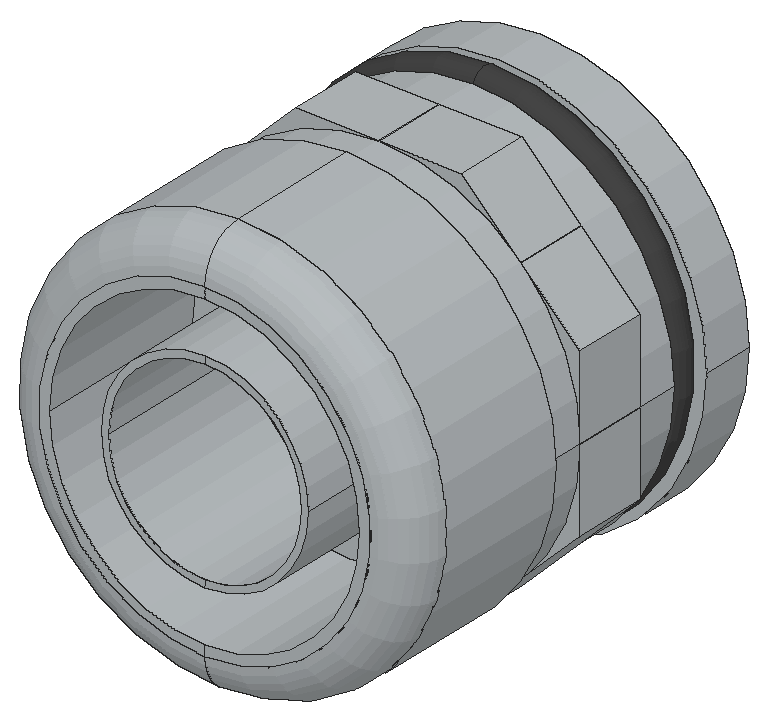
Revit family "ZETA_Резьбовой_Крепежный_Элемент_Металлорукав-КорпусОборудования_РКН-10-100", category Соединительные детали коробов, Revit 2021
Family settings
  Размер круглого соединителя = Использовать диаметр
  Тип детали = Мультипорт
  На основе рабочей плоскости = Нет
  Всегда вертикально = Да
  При загрузке вырезать с полостями = Да
  Общий = Нет
Parameters (values of type "DN15 - G1/2''")
  Тип соединения = "компрессионное"  # constant formula
  Температура эксплуатации в стационарном состоянии = "от -25 до +100 °С"  # constant formula
  Температура транспортировки, монтажа и эксплуатации = "от -25 до +100 °С"  # constant formula
  Размер резьбы = size_lookup(LT, "Размер резьбы", "", DN)  # "G1/2"
  Отметка по умолчанию = 0 mm
  Описание = "Резьбовой крепежный элемент РКН является трубной арматурой, предназначенной для присоединения металлорукавов (типов: МПГ, МРПИ, ШЭМ, РЗЦ, РЗ-ЦХ, РЗ-ЦА и др.) к оболочкам электрооборудования (щиты, шкафы, коробки и др.) в трубных системах для прокладки кабелей по ГОСТ Р МЭК 61386.22-2014, ГОСТ Р МЭК 61386.23-2015 и создания надежного электрического контакта с их металлическими частями в целях обеспечения защитных мер по п.1.7.76 Правил устройства электроустановок."  # constant formula
  Материал уплотнителя = Zeta_Резина маслостойкая
  Материал корпуса = Zeta_Сплав цинка
  Марка = ""
  Код классификации по ГОСТ Р МЭК 61386.1-2014 = "024101542203"  # constant formula
  Климатическое исполнение = "У2"  # constant formula
  Изготовитель = "АО «ЗЭТА»"  # constant formula
  Изготавливается по = "ТУ 27.33.13.130-046-99856433-2020"  # constant formula
  Длина резьбы Lp/общая длина L = size_lookup(LT, "Длина резьбы Lp/общая длина L", "", DN)  # "10.5 / 34.6"
  r2 = r1 - 1.5 mm  # 8.98 mm
  r1 = size_lookup(LT, "r1", 9.2 mm, DN)  # 10.48 mm
  l5 = size_lookup(LT, "l5", 3.8 mm, DN)  # 3.8 mm
  l4 = size_lookup(LT, "l4", 3.7 mm, DN)  # 3.7 mm
  l3 = size_lookup(LT, "l3", 2.3 mm, DN)  # 2.3 mm
  l2 = size_lookup(LT, "l2", 5.3 mm, DN)  # 5.3 mm
  l1 = size_lookup(LT, "l1", 12.6 mm, DN)  # 12.6 mm
  URL = "https://nzeta.ru/"
  S2 = size_lookup(LT, "S2", 29.5 mm, DN)  # 29.5 mm
  S1 = size_lookup(LT, "S1", 28.5 mm, DN)  # 28.5 mm
  LT = "РКН"  # constant formula
  Dмр1 = Dмр - 1 mm  # 13.7 mm
  Dмр = size_lookup(LT, "Dмр", 14.7 mm, DN)  # 14.7 mm
  Dr = S1 - (l4 / 2)  # 26.65 mm
  DN = 15 mm
  Ds = S2 - 2 mm  # 27.5 mm
  D1 = size_lookup(LT, "D1", 22 mm, DN)  # 22 mm
  ADSK_Ток = 0 A  # constant formula
  ADSK_Степень защиты_IP = "IP54"  # constant formula
  ADSK_Размер_Ширина = S2  # 29.5 mm
  ADSK_Размер_УголПоворота [instance] = 0.00°
  ADSK_Размер_Длина = size_lookup(LT, "ADSK_Размер_Длина", 33.5 mm, DN)  # 33.5 mm
  ADSK_Размер_Высота = S2  # 29.5 mm
  ADSK_Пусковой ток = 0 A  # constant formula
  ADSK_Примечание [instance] = ""
  ADSK_Предел огнестойкости экземпляра = ""
  ADSK_Предел огнестойкости = ""
  ADSK_Полная мощность = 0 VA  # constant formula
  ADSK_Позиция на схеме [instance] = ""
  ADSK_Позиция [instance] = ""
  ADSK_Обозначение = "РКН"  # constant formula
  ADSK_Номинальная мощность = 0 W  # constant formula
  ADSK_Номер стояка [instance] = ""
  ADSK_Напряжение = 0 V  # constant formula
  ADSK_Наименование краткое = size_lookup(LT, "ADSK_Наименование краткое", "", DN)  # "Резьбовой крепежный элемент РКН 15"
  ADSK_Наименование = size_lookup(LT, "ADSK_Наименование", "", DN)  # "Резьбовой крепежный элемент с наружной резьбой РКН-15 У2 IP54 ГОФРОМАТИК"
  ADSK_Материал наименование = "Сплав цинка"  # constant formula
  ADSK_Масса_Текст = size_lookup(LT, "ADSK_Масса_Текст", "5", DN)  # "0.043"
  ADSK_Масса = size_lookup(LT, "ADSK_Масса", 5, DN)  # 0.043
  ADSK_Марка = size_lookup(LT, "ADSK_Марка", "", DN)  # "РКН 15"
  ADSK_Кратность пускового тока = 0  # constant formula
  ADSK_Количество = 1  # constant formula
  ADSK_Код изделия = size_lookup(LT, "ADSK_Код изделия", "", DN)  # "zeta40411"
  ADSK_Классификация нагрузок = Прочее
  ADSK_КПД = 0  # constant formula
  ADSK_Завод-изготовитель = "АО «ЗЭТА»"  # constant formula
  ADSK_Единица измерения = "шт"  # constant formula
  ADSK_Версия семейства = "v.1"  # constant formula
  ADSK_Версия Revit = "2021"  # constant formula
  ADSK_URL страницы изделия = "https://nzeta.ru/catalog/?q=zeta40411"
  ADSK_URL документации изделия = "https://nzeta.ru/upload/uf/44c/qp6tsz33whni4632bpbds0ivk6hfipal/passport.pdf"
Types (13, lengths in mm): name | Размер резьбы | Длина резьбы Lp/общая длина L | r2 | r1 | l5 | l4 | l3 | l2 | l1 | S2 | S1 | Dмр1 | Dмр | Dr | DN | Ds | D1 | ADSK_Размер_Ширина | ADSK_Размер_Длина | ADSK_Размер_Высота | ADSK_Наименование краткое | ADSK_Наименование | ADSK_Масса_Текст | ADSK_Масса | ADSK_Марка | ADSK_Код изделия | ADSK_URL страницы изделия
  DN15 - G1/2'' | "G1/2" | "10.5 / 34.6" | 8.98 | 10.48 | 3.8 | 3.7 | 2.3 | 5.3 | 12.6 | 29.5 | 28.5 | 13.7 | 14.7 | 26.65 | 15 | 27.5 | 22 | 29.5 | 33.5 | 29.5 | "Резьбовой крепежный элемент РКН 15" | "Резьбовой крепежный элемент с наружной резьбой РКН-15 У2 IP54 ГОФРОМАТИК" | "0.043" | 0.043 | "РКН 15" | "zeta40411" | "https://nzeta.ru/catalog/?q=zeta40411"
  DN20 - G3/4'' | "G3/4" | "12.5 / 38.3" | 11.72 | 13.22 | 4.1 | 4 | 2.7 | 4.4 | 14.8 | 35.5 | 32.5 | 18.3 | 19.3 | 30.5 | 20 | 33.5 | 28 | 35.5 | 35 | 35.5 | "Резьбовой крепежный элемент РКН 20" | "Резьбовой крепежный элемент с наружной резьбой РКН-20 У2 IP54 ГОФРОМАТИК" | "0.06" | 0.06 | "РКН 20" | "zeta40412" | "https://nzeta.ru/catalog/?q=zeta40412"
  DN25 - G1'' | "G1" | "11.5 / 42.0" | 15.125 | 16.625 | 3.1 | 4.5 | 3 | 6 | 16.6 | 42.5 | 41 | 23.7 | 24.7 | 38.75 | 25 | 40.5 | 33 | 42.5 | 37.3 | 42.5 | "Резьбовой крепежный элемент РКН 25" | "Резьбовой крепежный элемент с наружной резьбой РКН-25 У2 IP54 ГОФРОМАТИК" | "0.083" | 0.083 | "РКН 25" | "zeta40413" | "https://nzeta.ru/catalog/?q=zeta40413"
  DN32 - G1 1/4'' | "G1 1/4" | "14.8 / 49.3" | 19.455 | 20.955 | 4 | 5 | 3.6 | 6 | 18.5 | 51.5 | 49.5 | 29.7 | 30.7 | 47 | 32 | 49.5 | 42 | 51.5 | 44.6 | 51.5 | "Резьбовой крепежный элемент РКН 32" | "Резьбовой крепежный элемент с наружной резьбой РКН-32 У2 IP54 ГОФРОМАТИК" | "0.134" | 0.134 | "РКН 32" | "zeta40414" | "https://nzeta.ru/catalog/?q=zeta40414"
  DN38 - G1 1/2'' | "G1 1/2" | "16 / 50.9" | 22.4 | 23.9 | 5 | 5.5 | 3 | 5.4 | 19.5 | 59 | 56.5 | 36 | 37 | 53.75 | 38 | 57 | 49 | 59 | 46 | 59 | "Резьбовой крепежный элемент РКН 38" | "Резьбовой крепежный элемент с наружной резьбой РКН-38 У2 IP54 ГОФРОМАТИК" | "0.183" | 0.183 | "РКН 38" | "zeta40415" | "https://nzeta.ru/catalog/?q=zeta40415"
  DN50 - G2'' | "G2" | "17 / 55.6" | 28.305 | 29.805 | 4.1 | 6 | 4.5 | 6.8 | 21.4 | 71 | 68.5 | 47 | 48 | 65.5 | 50 | 69 | 61.8 | 71 | 50.6 | 71 | "Резьбовой крепежный элемент РКН 50" | "Резьбовой крепежный элемент с наружной резьбой РКН-50 У2 IP54 ГОФРОМАТИК" | "0.256" | 0.256 | "РКН 50" | "zeta40416" | "https://nzeta.ru/catalog/?q=zeta40416"
  DN10 - G3/8'' | "G3/8" | "9.6 / 16.5" | 6.83 | 8.33 | 5.4 | 3.2 | 2.5 | 2.7 | 10 | 23.5 | 22 | 8.6 | 9.6 | 20.4 | 10 | 21.5 | 16.5 | 23.5 | 27.9 | 23.5 | "Резьбовой крепежный элемент РКН 10" | "Резьбовой крепежный элемент с наружной резьбой РКН-10 У2 IP54 ГОФРОМАТИК" | "0.024" | 0.024 | "РКН 10" | "zeta40410" | "https://nzeta.ru/catalog/?q=zeta40410"
  DN60 - G2 1/2'' | "G2 1/2" | "22 / 71.5" | 36.095 | 37.595 | 9.6 | 5.5 | 3.4 | 6 | 21 | 93 | 87 | 58 | 59 | 84.25 | 60 | 91 | 71 | 93 | 56.3 | 93 | "Резьбовой крепежный элемент РКН 60" | "Резьбовой крепежный элемент с наружной резьбой РКН-60 У2 IP54 ГОФРОМАТИК" | "0.519" | 0.519 | "РКН 60" | "zeta40426" | "https://nzeta.ru/catalog/?q=zeta40426"
  DN75 - G3'' | "G3" | "22 / 72.5" | 42.445 | 43.945 | 11.2 | 5.5 | 3.8 | 7 | 22 | 104 | 101.5 | 72.5 | 73.5 | 98.75 | 75 | 102 | 86.5 | 104 | 61 | 104 | "Резьбовой крепежный элемент РКН 75" | "Резьбовой крепежный элемент с наружной резьбой РКН-75 У2 IP54 ГОФРОМАТИК" | "0.701" | 0.701 | "РКН 75" | "zeta40427" | "https://nzeta.ru/catalog/?q=zeta40427"
  DN100 - G4'' | "G4" | "22 / 82.2" | 55.015 | 56.515 | 11.6 | 6 | 3.4 | 8 | 26 | 137 | 129.5 | 97.5 | 98.5 | 126.5 | 100 | 135 | 112.2 | 137 | 69.5 | 137 | "Резьбовой крепежный элемент РКН 100" | "Резьбовой крепежный элемент с наружной резьбой РКН-100 У2 IP54 ГОФРОМАТИК" | "1.100" | 1.1 | "РКН 100" | "zeta40428" | "https://nzeta.ru/catalog/?q=zeta40428"
  DN12 - G1/2'' | "G1/2" | "11.2 / 30.8" | 8.98 | 10.48 | 3.3 | 3.8 | 2.3 | 3.3 | 11.2 | 25.5 | 24.5 | 10.2 | 11.2 | 22.6 | 12 | 23.5 | 17.5 | 25.5 | 29.2 | 25.5 | "Резьбовой крепежный элемент РКН 12" | "Резьбовой крепежный элемент с наружной резьбой РКН-12 У2 IP54 ГОФРОМАТИК" | "0.030" | 0.03 | "РКН 12" | "zeta40424" | "https://nzeta.ru/catalog/?q=zeta40424"
  DN18 - G1/2'' | "G1/2" | "10.0 / 33.0" | 8.98 | 10.48 | 3.8 | 3.7 | 2.3 | 5.3 | 12.6 | 32 | 30 | 15.9 | 16.9 | 28.15 | 18 | 30 | 22 | 32 | 33.2 | 32 | "Резьбовой крепежный элемент РКН 18" | "Резьбовой крепежный элемент с наружной резьбой РКН-18 У2 IP54 ГОФРОМАТИК" | "0.043" | 0.043 | "РКН 18" | "zeta40408" | "https://nzeta.ru/catalog/?q=zeta40408"
  DN22 - G3/4'' | "G3/4" | "12.0 / 36.0" | 11.72 | 13.22 | 4.1 | 4 | 2.7 | 4.4 | 14.8 | 37 | 35 | 19.7 | 20.7 | 33 | 22 | 35 | 28 | 37 | 34.7 | 37 | "Резьбовой крепежный элемент РКН 22" | "Резьбовой крепежный элемент с наружной резьбой РКН-22 У2 IP54 ГОФРОМАТИК" | "0.06" | 0.06 | "РКН 22" | "zeta40409" | "https://nzeta.ru/catalog/?q=zeta40409"
Reference planes
  plane 1 "По центру (Вперед/Назад)": y = 0
  plane 2: z = 0
  plane 3 "По центру (Влево/Вправо)": x = 0
  plane 4: y = -16.75
  plane 5: y = 16.75
  plane 6: y = -4.15
  plane 7: y = 9.25
  plane 8: y = -1.35
  plane 9: y = 6.95
  plane 10: x = 14.25
  plane 11: x = -14.25
  plane 12: z = 14.25
  plane 13: z = -14.25
  plane 14: z = 14.75
  plane 15: z = -14.75
  plane 16: x = 14.75
  plane 17: x = -14.75
  plane 18: y = 12.95
  plane 19: y = 3.95
  plane 20: y = 8.1
Forms (mm)
  Extrusion 1, solid, material "Zeta_Сплав цинка" <- "Материал корпуса", detail levels fine
    sketch origin (0, 0, 0) x (1, 0, 0) y (0, 0, 1)
      loop
        line (-14.25, -5.903) -> (-5.903, -14.25) -> (5.903, -14.25) -> (14.25, -5.903) -> (14.25, 5.903) -> (5.903, 14.25) -> (-5.903, 14.25) -> (-14.25, 5.903) -> (-14.25, -5.903)
    from -3.95 to 1.35
  Extrusion 2, solid, material "Zeta_Сплав цинка" <- "Материал корпуса", detail levels medium+fine
    sketch origin (0, 0, 0) x (1, 0, 0) y (0, 0, 1)
      loop
        circle (0, 0) r 14.25
    from -6.95 to 4.15
  Extrusion 3, solid, material "Zeta_Сплав цинка" <- "Материал корпуса", detail levels medium+fine
    sketch origin (0, 0, 0) x (1, 0, 0) y (0, 0, 1)
      loop
        circle (0, 0) r 14.75
    from -12.95 to -9.25
  Revolve 4, solid, material "Zeta_Сплав цинка", detail levels medium+fine
    sketch origin (0, 0, 0) x (0, 1, 0) y (0, 0, 1)
      loop
        line (12.95, 0) -> (16.75, 0) -> (16.75, 10.48) -> (12.95, 10.48) -> (12.95, 0)
      axis (12.95, 0) -> (16.75, 0)
    angle from 0 to 360
  Extrusion 5, solid, material "Zeta_Сплав цинка" <- "Материал корпуса", detail levels medium
    sketch origin (0, 3.3, 0) x (1, 0, 0) y (0, 0, -1)
      loop
        circle (0, 0) r 14.25
    from -4.65 to 5.95
  Revolve 6, solid, material "Zeta_Сплав цинка" <- "Материал корпуса", detail levels medium+fine
    sketch origin (0, 0, 0) x (0, 1, 0) y (0, 0, 1)
      loop
        arc (-13.75, 14.75) -> (-15.871, 13.871) -> (-16.75, 11.75) r 3
        line (-16.75, 11.75) -> (-16.75, 0) -> (-4.15, 0) -> (-4.15, 14.75) -> (-13.75, 14.75)
      axis (-16.75, 0) -> (-4.15, 0)
    angle from 0 to 360
  Sweep 7, solid, material "Zeta_Чёрный", detail levels fine
    path origin (4267.2, 8.1, 18.456) x (0, 0, 1) y (1, 0, 0)
      loop
        circle (-18.03, -4267.2) r 13.325
    profile origin (-13.325, 8.1, 0.426) x (0, 1, 0) y (-1, 0, 0)
      loop
        circle (0, 0) r 1.15
  Extrusion 8, void
    sketch origin (0, 0, 0) x (1, 0, 0) y (0, 0, 1)
      loop
        circle (0, 0) r 6.85
    from -3.95 to 16.75
  Extrusion 9, void
    sketch origin (0, 0, 0) x (1, 0, 0) y (0, 0, 1)
      loop
        circle (0, 0) r 7.35
      loop
        circle (0, 0) r 11
    from 1.35 to 16.75
  Extrusion 10, void
    sketch origin (4267.2, 16.75, 162.946) x (0, 0, -1) y (1, 0, 0)
      loop
        circle (162.946, -4267.2) r 8.98
    from 0 to 12.8
Cuts and joins
  Extrusion 8, Extrusion 9, Extrusion 10 cuts Revolve 6
  Extrusion 8, Extrusion 10 cuts Extrusion 1
  Extrusion 8, Extrusion 10 cuts Extrusion 2
  Extrusion 8, Extrusion 9, Extrusion 10 cuts Extrusion 3
  Extrusion 8, Extrusion 10 cuts Revolve 4
  Extrusion 10 cuts Extrusion 5
Lines and regions (mm)
  model lines, detail levels coarse+medium
    curve 1: line (0, 16.75, 0) -> (0, -16.75, 0)
Dimensions and locks
  equal spacing: plane 4, plane 1 "По центру (Вперед/Назад)", plane 5
  "ADSK_Размер_Длина": plane 4 to plane 5
  "l1": plane 4 to plane 6
  equal spacing: plane 12, level, plane 13
  equal spacing: plane 10, plane 3 "По центру (Влево/Вправо)", plane 11
  "S1": plane 10 to plane 11
  "S1": plane 12 to plane 13
  equal spacing: Extrusion 1 sketch curve, Extrusion 1 sketch curve, Extrusion 1 sketch curve  (x5)
  equal spacing: plane 14, level, plane 15
  equal spacing: plane 16, plane 3 "По центру (Влево/Вправо)", plane 17
  "S2": plane 16 to plane 17
  "l3": plane 9 to plane 7
  "l4": plane 7 to plane 18
  "l5": plane 18 to plane 5
  "r1": Revolve 4 sketch curve to Revolve 4 sketch curve
  "S2": plane 14 to plane 15
  "l2": plane 8 to plane 19
  locked: plane 19 to plane 9 at 3
  equal spacing: plane 9, plane 20, plane 7
  "S1": diameter of Extrusion 2 sketch curve
  "S2": diameter of Extrusion 3 sketch curve
  "S1": diameter of Extrusion 5 sketch curve
  "l3": diameter of Sweep 7 sketch curve
  "Dr": diameter of Sweep 7 sketch curve
  "Dмр1": diameter of Extrusion 8 sketch curve
  "Dмр": diameter of Extrusion 9 sketch curve
  "D1": diameter of Extrusion 9 sketch curve
  "r2": radius of Extrusion 10 sketch curve
  locked: Extrusion 1 sketch curve to Extrusion 1 sketch curve (angle 135.00°)  (x7)
  aligned and locked: level to plane 2
  aligned and locked: Extrusion 1 to plane 8
  aligned and locked: Extrusion 1 sketch curve to plane 11
  aligned and locked: plane 10 to Extrusion 1 sketch curve
  aligned and locked: Extrusion 1 sketch curve to plane 13
  aligned and locked: curve 1 to plane 3 "По центру (Влево/Вправо)"
  aligned and locked: plane 5 to curve 1
  aligned and locked: plane 4 to curve 1
  aligned and locked: Extrusion 2 to plane 6
  aligned and locked: Extrusion 3 to plane 7
  aligned and locked: plane 18 to Extrusion 3
  aligned and locked: Extrusion 3 to Revolve 4 sketch curve
  aligned and locked: Revolve 4 sketch curve to Extrusion 3
  aligned and locked: Revolve 4 sketch curve to plane 5
  aligned and locked: Extrusion 5 to plane 8
  aligned and locked: plane 7 to Extrusion 5
  aligned and locked: plane 14 to Revolve 6 sketch curve
  aligned and locked: plane 4 to Revolve 6 sketch curve
  aligned and locked: level to Revolve 6 sketch curve
  aligned and locked: Revolve 6 sketch curve to Revolve 6 sketch curve  (x2)
  aligned and locked: plane 19 to Extrusion 1
  aligned and locked: plane 9 to Extrusion 2
  aligned and locked: Extrusion 8 to plane 4
  aligned and locked: plane 8 to Extrusion 9
  aligned and locked: Extrusion 9 to plane 4
  aligned and locked: plane 19 to Extrusion 8
  aligned and locked: plane 5 to Extrusion 10
  aligned and locked: Extrusion 10 to plane 19
Automatic sketch dimensions
  Revolve 6 sketch curve to plane 6 = 0 mm  (x2)
  plane 4 to Revolve 6 sketch curve = 3 mm
  Extrusion 2 sketch curve to level = 0 mm
  Extrusion 2 sketch curve to plane 3 "По центру (Влево/Вправо)" = 0 mm
  Extrusion 3 sketch curve to level = 0 mm
  Extrusion 3 sketch curve to plane 3 "По центру (Влево/Вправо)" = 0 mm
  Revolve 4 sketch curve to level = 0 mm  (x2)
  Revolve 4 sketch curve to plane 18 = 0 mm
  Revolve 4 sketch curve to plane 5 = 0 mm
  Extrusion 5 sketch curve to level = 0 mm
  Extrusion 5 sketch curve to plane 3 "По центру (Влево/Вправо)" = 0 mm
  Sweep 7 sketch curve to plane 3 "По центру (Влево/Вправо)" = 0 mm
  level to Sweep 7 sketch curve = 0.426 mm
  Sweep 7 sketch curve to profile plane = 0 mm  (x2)
  Extrusion 8 sketch curve to level = 0 mm
  Extrusion 8 sketch curve to plane 3 "По центру (Влево/Вправо)" = 0 mm
  Extrusion 9 sketch curve to Extrusion 9 sketch curve = 0 mm  (x2)
  Extrusion 9 sketch curve to level = 0 mm
  Extrusion 9 sketch curve to plane 3 "По центру (Влево/Вправо)" = 0 mm
  Extrusion 10 sketch curve to level = 0 mm
  Extrusion 10 sketch curve to plane 3 "По центру (Влево/Вправо)" = 0 mm
Connectors
  cabletrayconduit at (0, -1.35, 0), diameter 15, driven by "DN"
    settings: on cut or joined group of Extrusion 1, Extrusion 8, Extrusion 10, index 1, connector width 300 mm, connector height 300 mm, connector angle 0.00°, system type 32, placement type 0, profile type 0, connector reference index -1, is primary connector yes, connector utility param no, connector description "Металлорукав"
  cabletrayconduit at (0, 16.75, 0), diameter 15, driven by "DN"
    settings: on Revolve 4, index 2, connector width 300 mm, connector height 300 mm, connector angle 0.00°, system type 32, placement type 0, profile type 0, connector reference index -1, is primary connector no, connector utility param no, connector description ""
